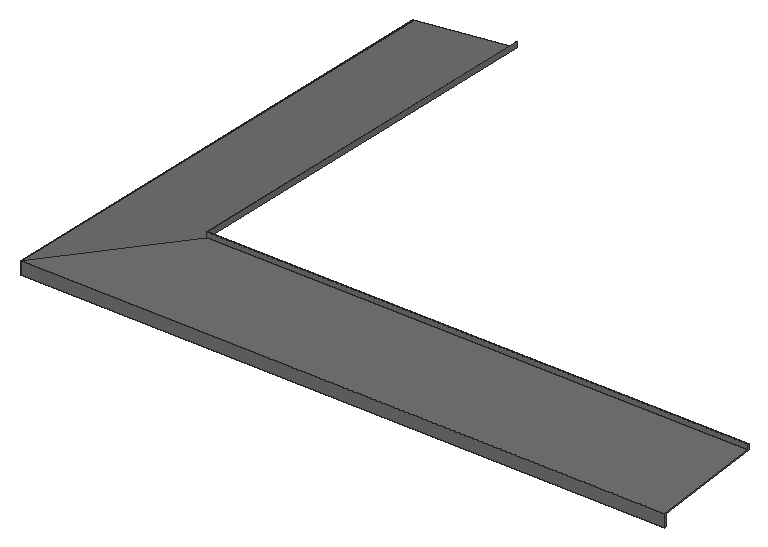
Revit family "Отлив-Г", category Окна, Revit 2019
Family settings
  На основе рабочей плоскости = Да
  Всегда вертикально = Нет
  При загрузке вырезать с полостями = Нет
  Общий = Да
  Точка расчета площади = Нет
Parameters (values of type "Отлив")
  Ш_ПП [instance] = 50 mm
  Ш_МЗЗ [instance] = 35 mm
  Ш2 [instance] = 1115.021 mm
  ТО [instance] = 1 mm
  Default Elevation = 1219.2 mm
  М = RAL 7024
  Длина отлива [instance] = 1560 mm
  Глубина отлива [instance] = 280 mm
  Аналитическая конструкция = "<Нет>"
  ADSK_Этаж [instance] = ""
  ADSK_Примечание [instance] = ""
  ADSK_Обозначение [instance] = ""
  ADSK_Номер секции [instance] = ""
  ADSK_Наименование [instance] = ""
  ADSK_Марка [instance] = ""
  ADSK_Группирование [instance] = ""
Types (2, lengths in mm): name | М
  Отлив | RAL 7024
  Отлив вентфасад угловой | ADSK_ФАСАД_(Ф6)_Плитка_Керамогранит под дерево_ВЕНТФАСАД
Reference planes
  plane 1 "По центру (Вперед/Назад)": y = 0
  plane 2: z = 0
  plane 3 "По центру (Влево/Вправо)": x = 0
  plane 4: y = -280
  plane 5: x = -780
  plane 6: x = 780
  plane 7: y = 1115.021
Forms (mm)
  Sweep 1, solid, material "RAL 7024" <- "М", detail levels medium+fine
    path origin (0, 0, 0) x (1, 0, 0) y (0, 1, 0)
      loop
        line (-780, 1115.021) -> (-780, 0) -> (780, 0)
    profile "Профиль_Отлив : Профиль_Отлив" origin (-780, 557.51, 0) x (1, 0, 0) y (0, 0, 1)
      loop
        line (0, 50) -> (-1, 50) -> (-1, 34.893) -> (-300, 0.893) -> (-300, -35) -> (-299, -35) -> (-299, 0) -> (0, 34) -> (0, 50)
Dimensions and locks
  equal spacing: plane 5, plane 3 "По центру (Влево/Вправо)", plane 6
  "Длина отлива": plane 5 to plane 6
  "Глубина отлива": plane 4 to plane 1 "По центру (Вперед/Назад)"
  "Ш2": plane 1 "По центру (Вперед/Назад)" to plane 7
  aligned and locked: level to plane 2
  aligned and locked: Sweep 1 sketch curve to plane 5
  aligned and locked: Sweep 1 sketch curve to plane 1 "По центру (Вперед/Назад)"
  aligned and locked: plane 7 to Sweep 1 sketch curve
  aligned and locked: plane 6 to Sweep 1 sketch curve
